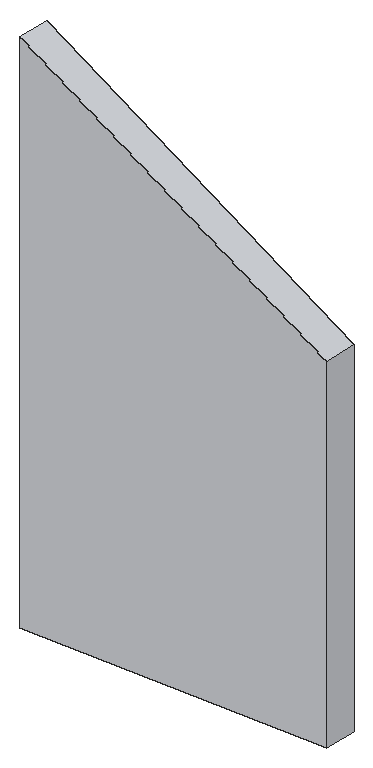
Revit family "EXP_WT-1C_CPan-008", category Curtain Panels, Revit 2021
Family settings
  OmniClass Number = 23.25.20.14.11.11.17
  OmniClass Title = Infill Panels
  Always vertical = Yes
  Cut with Voids When Loaded = No
  Shared = No
Parameters (values of type "EXP_WT-1C_CPan-009")
  UI-UnitNumber [instance] = "001"
  UI-Quadrant [instance] = "SE"
  UI-ProjectAbbreviation = "NEU"
  UI-ItemCategory = "PID"
  UI-FloorNumber [instance] = "03"
  PNT-WallType = "WT1C"
  PNT-ProjectAbbreviation = "NEU"
  PNT-PanelType [instance] = "01"
  PNT-ItemCategory = "PNL"
  HSX [instance] = HModSX - (DistanceAxis + CellH)  # 7' - 2"
  HModSX [instance] = 13' - 6"
  HModDX [instance] = 18' - 1"
  HDX [instance] = HModDX - (DistanceAxis + CellH)  # 11' - 9"
  GlassH1 [instance] = none
  DistanceAxis = 4' - 10"
  Define Thermal Properties by = Schematic Type
  CellSxH [instance] = HSX + CellH  # 8' - 8"
  CellSp = 0' - 10 3/16"
  CellL [instance] = 7' - 8"
  CellH2 [instance] = 9' - 8"
  CellH [instance] = 1' - 6"
  CellDxH [instance] = HDX + CellH  # 13' - 3"
  CellAngle [instance] = 45.00°
  AncleTrapezoid [instance] = 120.872°
  Analytic Construction = "<None>"
Reference planes (in)
  plane 1 "Center (Front/Back)": y = 0
  plane 2: z = 0
  plane 3 "Center (Left/Right)": x = 0
  plane 4 "Left": x = -46
  plane 5 "Right": x = 46
  plane 6 "Top": z = 18
  plane 7: y = -10.1875
  plane 8: z = 104
  plane 9: z = 159
Forms (in)
  Extrusion 1, solid, material <- "GlassH1"
    sketch origin (0, 0, 0) x (1, 0, 0) y (0, 0, 1)
      loop
        line (46, 104) -> (-46, 159) -> (-46, 0) -> (46, 0) -> (46, 104)
    from 0 to 10.1875
Lines and regions (in)
  reference lines
    curve 1: line (46, 0, 104) -> (-46, 0, 159)
Text (in)
  text "Exterior" at (-92.59733, 55.75508, 0), in view "Ref. Level"
  text "Exterior" at (0, 90.18664, 173.49264), in view "Left"
  text "Exterior" at (0, 52.29083, 162.21847), in view "Right"
Dimensions and locks (in)
  equal spacing: plane 4 "Left", plane 3 "Center (Left/Right)", plane 5 "Right"  (x2)
  "CellL": plane 4 "Left" to plane 5 "Right"
  "CellSp": plane 7 to plane 1 "Center (Front/Back)"
  "CellH": plane 2 to plane 6 "Top"
  "HSX": plane 6 "Top" to plane 8
  "HDX": plane 6 "Top" to plane 9
  "AncleTrapezoid": angle plane 5 "Right" to curve 1
  aligned and locked: level to plane 2
  aligned and locked: plane 5 "Right" to Extrusion 1 sketch curve
  aligned and locked: plane 4 "Left" to Extrusion 1 sketch curve
  aligned and locked: Extrusion 1 to plane 7
  aligned and locked: plane 2 to Extrusion 1 sketch curve
Automatic sketch dimensions
  Extrusion 1 sketch curve to plane 8 = 0' - 0"
  Extrusion 1 sketch curve to plane 9 = 0' - 0"
  plane 4 "Left" to curve 1 = 0' - 0"
  curve 1 to plane 8 = 0' - 0"
